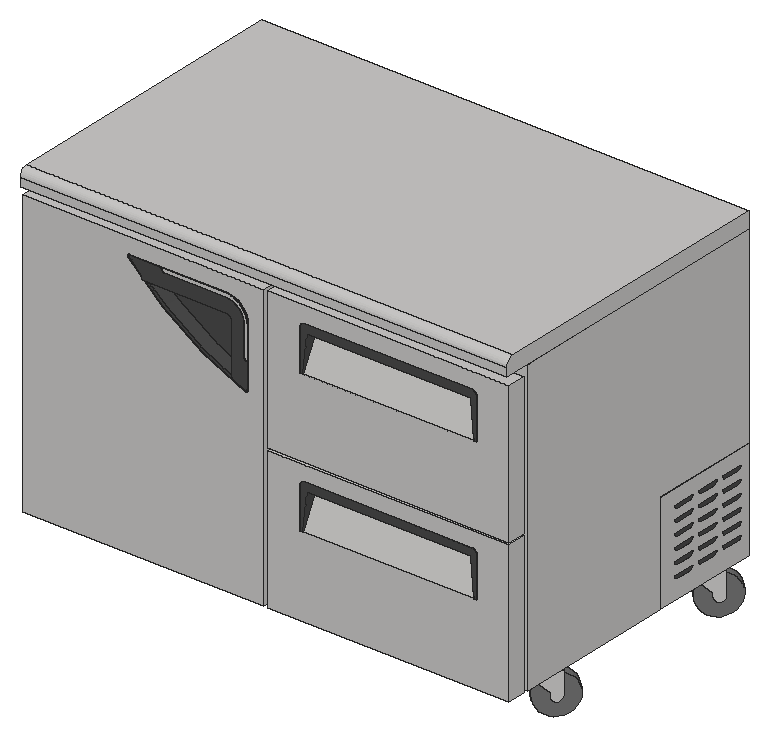
Revit family "QF_Turbo Air_TUF-48SD-D2", category Specialty Equipment, Revit 2012
Parameters
  Weight in Pounds = 169
  Watermarked By = "http://revitwatermark.com"
  Volts = 115 V
  URL Cutsheet = ""
  URL = "www.turboairinc.com"
  Status [instance] = ""
  Specification by User [instance] = ""
  Specification by Manufacturer [instance] = ""
  Serial Number [instance] = ""
  Revision Code [instance] = ""
  Phase = 1
  Number of Poles [instance] = 1
  NAFEM Spec ID Number [instance] = ""
  Model = "TUF-48SD-D2"
  Masterspec [instance] = ""
  Manufacturer = "Turbo Air"  # constant formula
  Legs [instance] = [6 inch Legs]  # no
  Item Number [instance] = "-"
  Installed By [instance] = ""
  HP = "1/2"
  Furnished By [instance] = ""
  Foodservice Equipment Identifier = yes
  FL Amps = 8.3 A
  Electrical Remarks [instance] = ""
  Electric Connection Type [instance] = ""
  Elec Conn RI Height [instance] = 0' - 0"
  Elec Conn Connection Height = 1' - 0"
  Description = "Undercounter Freezer"
  Cycle = 60 Hz
  Conn Plug = "NEMA 5-15P"
  Casters [instance] = not(Legs)  # yes
  CasterLeg Height [instance] = if([4 inch Casters], 0' 5", if([5 inch Casters], 0' 5 3/4", if([2_5 inch Casters], 0' 3 3/8", 0' 6")))  # 0' - 5"
  CSI MasterFormat = "11 41 13"
  Assembly Code = "E1090320"
  Apparent Power = if(Phase = 3, Volts * FL Amps * 1.73, Volts * FL Amps)  # 954.5 VA
  6 inch Legs [instance] = no
  5 inch Casters [instance] = no
  4 inch Casters [instance] = yes
  2_5 inch Casters [instance] = no
Reference planes (in)
  plane 1 "BACK": y = 0
  plane 2: z = 0
  plane 3 "LEFT": x = -20.78844
  plane 4 "Bottom": z = 5
  plane 5 "Back Stops": y = 1
  plane 6 "RIGHT": x = 27.46156
  plane 7 "FRONT": y = -30
  plane 8 "Door Clearance": y = -51.875
  plane 9 "Back of Door": y = -27.875
  plane 10 "Front of Box": y = -27.375
  plane 11 "Top of Door": z = 33.125
  plane 12 "TOP": z = 35.625
  plane 13 "Bottom of TOP": z = 34
  plane 14 "Center LR": x = 3.33656
  plane 15: x = 3.52406
  plane 16: x = 3.14906
  plane 17: y = -42.75
Forms (in)
  Extrusion 1, solid, material "QF_Finishes_Stainless Steel"
    sketch origin (-20.78844, 0, 0) x (0, 1, 0) y (0, 0, 1)
      loop
        line (0, 5) -> (0, 34) -> (-27.375, 34) -> (-27.375, 5) -> (0, 5)
    from 0 to 48.25
  Extrusion 2, solid, material "QF_Finishes_Black"
    sketch origin (0, -27.375, 0) x (1, 0, 0) y (0, 0, 1)
      loop
        line (-19.78844, 32.125) -> (-19.78844, 6) -> (2.14906, 6) -> (2.14906, 32.125) -> (-19.78844, 32.125)
      loop
        line (4.52406, 32.125) -> (4.52406, 6) -> (26.46156, 6) -> (26.46156, 32.125) -> (4.52406, 32.125)
    from 0 to 0.5
  Extrusion 3, void
    sketch origin (27.46156, 0, 0) x (0, 1, 0) y (0, 0, 1)
      loop
        line (0, 5) -> (0, 15) -> (-11, 15) -> (-11, 5) -> (0, 5)
    from 0 to -1
  Extrusion 4, solid, material "QF_Finishes_Stainless Steel"
    sketch origin (27.46156, 0, 0) x (0, 1, 0) y (0, 0, 1)
      loop
        line (-10.875, 14.875) -> (-10.875, 5) -> (0, 5) -> (0, 14.875) -> (-10.875, 14.875)
      loop
        arc (-9.25, 13.5) -> (-9.10355, 13.14645) -> (-8.75, 13) r 0.5
        line (-8.75, 13) -> (-7.25, 13)
        arc (-7.25, 13) -> (-6.89645, 13.14645) -> (-6.75, 13.5) r 0.5
        line (-6.75, 13.5) -> (-9.25, 13.5)
      loop
        arc (-6.25, 13.5) -> (-6.10355, 13.14645) -> (-5.75, 13) r 0.5
        line (-5.75, 13) -> (-4.25, 13)
        arc (-4.25, 13) -> (-3.89645, 13.14645) -> (-3.75, 13.5) r 0.5
        line (-3.75, 13.5) -> (-6.25, 13.5)
      loop
        arc (-3.25, 13.5) -> (-3.10355, 13.14645) -> (-2.75, 13) r 0.5
        line (-2.75, 13) -> (-1.25, 13)
        arc (-1.25, 13) -> (-0.89645, 13.14645) -> (-0.75, 13.5) r 0.5
        line (-0.75, 13.5) -> (-3.25, 13.5)
      loop
        arc (-9.25, 12.25) -> (-9.10355, 11.89645) -> (-8.75, 11.75) r 0.5
        line (-8.75, 11.75) -> (-7.25, 11.75)
        arc (-7.25, 11.75) -> (-6.89645, 11.89645) -> (-6.75, 12.25) r 0.5
        line (-6.75, 12.25) -> (-9.25, 12.25)
      loop
        arc (-6.25, 12.25) -> (-6.10355, 11.89645) -> (-5.75, 11.75) r 0.5
        line (-5.75, 11.75) -> (-4.25, 11.75)
        arc (-4.25, 11.75) -> (-3.89645, 11.89645) -> (-3.75, 12.25) r 0.5
        line (-3.75, 12.25) -> (-6.25, 12.25)
      loop
        arc (-3.25, 12.25) -> (-3.10355, 11.89645) -> (-2.75, 11.75) r 0.5
        line (-2.75, 11.75) -> (-1.25, 11.75)
        arc (-1.25, 11.75) -> (-0.89645, 11.89645) -> (-0.75, 12.25) r 0.5
        line (-0.75, 12.25) -> (-3.25, 12.25)
      loop
        arc (-9.25, 11) -> (-9.10355, 10.64645) -> (-8.75, 10.5) r 0.5
        line (-8.75, 10.5) -> (-7.25, 10.5)
        arc (-7.25, 10.5) -> (-6.89645, 10.64645) -> (-6.75, 11) r 0.5
        line (-6.75, 11) -> (-9.25, 11)
      loop
        arc (-6.25, 11) -> (-6.10355, 10.64645) -> (-5.75, 10.5) r 0.5
        line (-5.75, 10.5) -> (-4.25, 10.5)
        arc (-4.25, 10.5) -> (-3.89645, 10.64645) -> (-3.75, 11) r 0.5
        line (-3.75, 11) -> (-6.25, 11)
      loop
        arc (-3.25, 11) -> (-3.10355, 10.64645) -> (-2.75, 10.5) r 0.5
        line (-2.75, 10.5) -> (-1.25, 10.5)
        arc (-1.25, 10.5) -> (-0.89645, 10.64645) -> (-0.75, 11) r 0.5
        line (-0.75, 11) -> (-3.25, 11)
      loop
        arc (-9.25, 9.75) -> (-9.10355, 9.39645) -> (-8.75, 9.25) r 0.5
        line (-8.75, 9.25) -> (-7.25, 9.25)
        arc (-7.25, 9.25) -> (-6.89645, 9.39645) -> (-6.75, 9.75) r 0.5
        line (-6.75, 9.75) -> (-9.25, 9.75)
      loop
        arc (-6.25, 9.75) -> (-6.10355, 9.39645) -> (-5.75, 9.25) r 0.5
        line (-5.75, 9.25) -> (-4.25, 9.25)
        arc (-4.25, 9.25) -> (-3.89645, 9.39645) -> (-3.75, 9.75) r 0.5
        line (-3.75, 9.75) -> (-6.25, 9.75)
      loop
        arc (-3.25, 9.75) -> (-3.10355, 9.39645) -> (-2.75, 9.25) r 0.5
        line (-2.75, 9.25) -> (-1.25, 9.25)
        arc (-1.25, 9.25) -> (-0.89645, 9.39645) -> (-0.75, 9.75) r 0.5
        line (-0.75, 9.75) -> (-3.25, 9.75)
      loop
        arc (-9.25, 8.5) -> (-9.10355, 8.14645) -> (-8.75, 8) r 0.5
        line (-8.75, 8) -> (-7.25, 8)
        arc (-7.25, 8) -> (-6.89645, 8.14645) -> (-6.75, 8.5) r 0.5
        line (-6.75, 8.5) -> (-9.25, 8.5)
      loop
        arc (-6.25, 8.5) -> (-6.10355, 8.14645) -> (-5.75, 8) r 0.5
        line (-5.75, 8) -> (-4.25, 8)
        arc (-4.25, 8) -> (-3.89645, 8.14645) -> (-3.75, 8.5) r 0.5
        line (-3.75, 8.5) -> (-6.25, 8.5)
      loop
        arc (-3.25, 8.5) -> (-3.10355, 8.14645) -> (-2.75, 8) r 0.5
        line (-2.75, 8) -> (-1.25, 8)
        arc (-1.25, 8) -> (-0.89645, 8.14645) -> (-0.75, 8.5) r 0.5
        line (-0.75, 8.5) -> (-3.25, 8.5)
      loop
        arc (-9.25, 7.25) -> (-9.10355, 6.89645) -> (-8.75, 6.75) r 0.5
        line (-8.75, 6.75) -> (-7.25, 6.75)
        arc (-7.25, 6.75) -> (-6.89645, 6.89645) -> (-6.75, 7.25) r 0.5
        line (-6.75, 7.25) -> (-9.25, 7.25)
      loop
        arc (-6.25, 7.25) -> (-6.10355, 6.89645) -> (-5.75, 6.75) r 0.5
        line (-5.75, 6.75) -> (-4.25, 6.75)
        arc (-4.25, 6.75) -> (-3.89645, 6.89645) -> (-3.75, 7.25) r 0.5
        line (-3.75, 7.25) -> (-6.25, 7.25)
      loop
        arc (-3.25, 7.25) -> (-3.10355, 6.89645) -> (-2.75, 6.75) r 0.5
        line (-2.75, 6.75) -> (-1.25, 6.75)
        arc (-1.25, 6.75) -> (-0.89645, 6.89645) -> (-0.75, 7.25) r 0.5
        line (-0.75, 7.25) -> (-3.25, 7.25)
    from 0 to -1
  Extrusion 5, solid, material "QF_Finishes_Black"
    sketch origin (27.46156, 0, 0) x (0, 1, 0) y (0, 0, 1)
      loop
        line (-9.875, 13.95221) -> (-9.875, 6.20221) -> (-0.375, 6.20221) -> (-0.375, 13.95221) -> (-9.875, 13.95221)
    from -0.125 to -1
  Extrusion 6, solid, material "QF_Finishes_Black"
    sketch origin (0, 0, 0) x (1, 0, 0) y (0, 0, 1)
      loop
        circle (-14.66344, 30.8125) r 0.5
      loop
        circle (21.33656, 30.8125) r 0.5
    from 0 to -1
  Extrusion 7, solid, material "QF_Finishes_Stainless Steel"
    sketch origin (0, 0, 0) x (1, 0, 0) y (0, 0, 1)
      loop
        circle (23.46156, 11.125) r 0.25
    from 0 to -0.0625
  Extrusion 8, solid, material "QF_Finishes_Polished Steel"
    sketch origin (-20.78844, 0, 0) x (0, 1, 0) y (0, 0, 1)
      loop
        line (0, 35.625) -> (-29.1875, 35.625)
        arc (-29.1875, 35.625) -> (-29.76202, 35.38702) -> (-30, 34.8125) r 0.8125
        line (-30, 34.8125) -> (-30, 34) -> (0, 34) -> (0, 35.625)
    from 0 to 48.25
Cuts and joins
  Extrusion 3 cuts Extrusion 1
Lines and regions (in)
  symbolic lines
    curve 1: line (-20.78844, 0, 35.875) -> (27.46156, 0, 35.875)
    curve 2: line (-20.78844, -30, 35.875) -> (-20.78844, 0, 35.875)
    curve 3: line (27.46156, -30, 35.875) -> (-20.78844, -30, 35.875)
    curve 4: line (27.46156, 0, 35.875) -> (27.46156, -30, 35.875)
    curve 5: line (20.83656, 1, 35.875) -> (21.83656, 1, 35.875)
    curve 6: line (-15.16344, 1, 35.875) -> (-14.16344, 1, 35.875)
    curve 7: line (-15.16344, 1, 35.875) -> (-15.16344, 0, 35.875)
    curve 8: line (-14.16344, 1, 35.875) -> (-14.16344, 0, 35.875)
    curve 9: line (20.83656, 1, 35.875) -> (20.83656, 0, 35.875)
    curve 10: line (21.83656, 1, 35.875) -> (21.83656, 0, 35.875)
  symbolic lines, style "QF_Clearances", detail levels coarse
    curve 11: line (-20.78844, -30, 35.875) -> (-20.78844, -51.875, 35.875)
    curve 12: arc (-20.78844, -51.875, 35.875) -> (-4.58659, -45.58093, 35.875) -> (3.1173, -30, 35.875) r 24
    curve 13: line (3.52406, -30, 35.875) -> (3.52406, -42.75, 35.875)
    curve 14: line (3.52406, -42.75, 35.875) -> (27.46156, -42.75, 35.875)
    curve 15: line (27.46156, -42.75, 35.875) -> (27.46156, -30, 35.875)
Dimensions and locks (in)
  "CasterLeg Height": plane 4 "Bottom" to plane 2
  locked: plane 1 "BACK" to plane 5 "Back Stops" at 1
  locked: plane 6 "RIGHT" to plane 3 "LEFT" at 48.25
  locked: plane 7 "FRONT" to plane 1 "BACK" at 30
  locked: plane 9 "Back of Door" to plane 10 "Front of Box" at 0.5
  locked: plane 8 "Door Clearance" to plane 1 "BACK" at 51.875
  locked: plane 11 "Top of Door" to Extrusion 2 sketch curve at 1  (x2)
  locked: Extrusion 2 sketch curve to plane 3 "LEFT" at 1
  locked: Extrusion 2 sketch curve to plane 4 "Bottom" at 1  (x2)
  locked: Extrusion 3 sketch curve to plane 1 "BACK" at 11
  locked: Extrusion 3 sketch curve to plane 4 "Bottom" at 10
  locked: plane 4 "Bottom" to Extrusion 4 sketch curve at 9.875
  locked: Extrusion 4 sketch curve to plane 1 "BACK" at 10.875
  locked: Extrusion 5 sketch curve to Extrusion 5 sketch curve at 7.75
  locked: Extrusion 5 sketch curve to plane 4 "Bottom" at 1.20221
  locked: Extrusion 5 sketch curve to Extrusion 5 sketch curve at 9.5
  locked: Extrusion 5 sketch curve to plane 1 "BACK" at 0.375
  locked: nested 1 to plane 1 "BACK" at 2.5625
  locked: plane 3 "LEFT" to nested 1 at 2.5
  locked: plane 3 "LEFT" to nested 2 at 2.5
  locked: plane 10 "Front of Box" to nested 2 at 4.625
  locked: nested 3 to plane 6 "RIGHT" at 2.5
  locked: nested 4 to plane 6 "RIGHT" at 2.5
  locked: plane 10 "Front of Box" to nested 4 at 4.625
  locked: nested 3 to plane 1 "BACK" at 2.5625
  locked: plane 6 "RIGHT" to Extrusion 6 sketch curve at 6.125
  locked: Extrusion 6 sketch curve to plane 3 "LEFT" at 6.125
  locked: Extrusion 7 sketch curve to plane 4 "Bottom" at 6.125
  locked: plane 6 "RIGHT" to Extrusion 7 sketch curve at 4
  locked: plane 12 "TOP" to plane 4 "Bottom" at 30.625
  locked: plane 12 "TOP" to plane 13 "Bottom of TOP" at 1.625
  locked: plane 13 "Bottom of TOP" to plane 11 "Top of Door" at 0.875
  plane 9 "Back of Door" to plane 1 "BACK" = 2' - 3 7/8"
  equal spacing: plane 3 "LEFT", plane 14 "Center LR", plane 6 "RIGHT"
  plane 16 to plane 14 "Center LR" to plane 15 = 0' - 0 3/16" locked, 0' - 0 3/16" locked
  locked: Extrusion 2 sketch curve to plane 16 at 1
  locked: Extrusion 2 sketch curve to plane 6 "RIGHT" at 1
  locked: Extrusion 2 sketch curve to plane 15 at 1
  locked: plane 17 to plane 7 "FRONT" at 12.75
  aligned and locked: level to plane 2
  aligned and locked: Extrusion 1 sketch curve to plane 1 "BACK"
  aligned and locked: Extrusion 1 sketch curve to plane 4 "Bottom"
  aligned and locked: plane 10 "Front of Box" to Extrusion 1 sketch curve
  aligned and locked: plane 6 "RIGHT" to Extrusion 1
  aligned and locked: plane 9 "Back of Door" to Extrusion 2
  aligned and locked: Extrusion 3 sketch curve to plane 1 "BACK"
  aligned and locked: Extrusion 3 sketch curve to plane 4 "Bottom"
  aligned and locked: Extrusion 6 to plane 5 "Back Stops"
  aligned and locked: plane 1 "BACK" to curve 1
  aligned and locked: curve 4 to plane 6 "RIGHT"
  aligned and locked: plane 3 "LEFT" to curve 2
  aligned and locked: curve 3 to plane 7 "FRONT"
  aligned and locked: curve 5 to Extrusion 6
  aligned and locked: curve 6 to Extrusion 6
  aligned and locked: Extrusion 1 sketch curve to plane 13 "Bottom of TOP"
  aligned and locked: plane 1 "BACK" to Extrusion 8 sketch curve
  aligned and locked: plane 13 "Bottom of TOP" to Extrusion 8 sketch curve
  aligned and locked: Extrusion 8 sketch curve to plane 7 "FRONT"
  aligned and locked: Extrusion 8 sketch curve to plane 12 "TOP"
  aligned and locked: plane 6 "RIGHT" to Extrusion 8
  aligned and locked: nested 5 to plane 4 "Bottom"
  aligned and locked: nested 6 to plane 4 "Bottom"
Automatic sketch dimensions
  Extrusion 4 sketch curve to plane 1 "BACK" = 0' - 0"
  Extrusion 4 sketch curve to plane 4 "Bottom" = 0' - 0"
  Extrusion 4 sketch curve to Extrusion 4 sketch curve = 0' - 1 5/8"
  Extrusion 4 sketch curve to Extrusion 4 sketch curve = 0' - 0"  (x16)
  Extrusion 4 sketch curve to Extrusion 4 sketch curve = 0' - 0 1/2"  (x31)
  Extrusion 4 sketch curve to Extrusion 4 sketch curve = 0' - 1 1/2"  (x4)
  plane 1 "BACK" to Extrusion 4 sketch curve = 0' - 1 1/4"  (x3)
  plane 4 "Bottom" to Extrusion 4 sketch curve = 0' - 1 3/4"  (x2)
  Extrusion 4 sketch curve to Extrusion 4 sketch curve = 0' - 0 3/4"  (x15)
  Extrusion 6 sketch curve to plane 11 "Top of Door" = 0' - 2 5/16"  (x2)
  Extrusion 8 sketch curve to plane 7 "FRONT" = 0' - 0 13/16"
  plane 8 "Door Clearance" to curve 11 = 0' - 0"
  plane 17 to curve 15 = 0' - 0"
  plane 9 "Back of Door" to curve 12 = 0' - 0"
  curve 13 to plane 15 = 0' - 0"
  curve 5 to plane 6 "RIGHT" = 0' - 5 5/8"
  curve 5 to curve 5 = 0' - 1"
  plane 3 "LEFT" to curve 6 = 0' - 6 5/8"
  curve 6 to curve 7 = 0' - 1"
  radius of Extrusion 6 sketch curve = 0' - 0 1/2"  (x2)
  radius of Extrusion 7 sketch curve = 0' - 0 1/4"
Nested families (in)
  nested 1: "FESCasterLeg" at (-18.28844, -2.5625, 0), Legs <- "Legs", Casters <- "Casters", Height <- "CasterLeg Height", type "FESCasterLeg"
    with Legs no, Height 0' - 5", Casters yes, Caster Radius 0' - 2"
  nested 2: "FESCasterLeg" at (-18.28844, -22.75, 0), Legs <- "Legs", Casters <- "Casters", Height <- "CasterLeg Height", type "FESCasterLeg"
    with Legs no, Height 0' - 5", Casters yes, Caster Radius 0' - 2"
  nested 3: "FESCasterLeg" at (24.96156, -2.5625, 0), Legs <- "Legs", Casters <- "Casters", Height <- "CasterLeg Height", type "FESCasterLeg"
    with Legs no, Height 0' - 5", Casters yes, Caster Radius 0' - 2"
  nested 4: "FESCasterLeg" at (24.96156, -22.75, 0), Legs <- "Legs", Casters <- "Casters", Height <- "CasterLeg Height", type "FESCasterLeg"
    with Legs no, Height 0' - 5", Casters yes, Caster Radius 0' - 2"
  nested 5: "QF_Turbo Air_TBL_Door-2" at (-5.61177, -27.875, 5), type "QF_Turbo Air_TBL_Door-2"
    with Width 1' - 11 15/16", Symbolic Lines no, Height 2' - 4 1/8", Depth 0' - 1 13/16"
  nested 6: "QF_Turbo Air_TBL_Drawer" at (18.70073, -27.875, 5), type "QF_Turbo Air_TBL_Drawer"
    with Width 1' - 11 15/16", Symbolic Lines no, Height 2' - 4 1/8", Depth 0' - 1 13/16"
Connectors (in)
  electrical at (23.46156, 0.0625, 11.125), driven by "Number of Poles", driven by "Volts", driven by "Apparent Power"
    settings: on Extrusion 7, index 1, voltage 115 V, apparent load 954.5 VA, apparent load phase1 0 VA, apparent load phase2 0 VA, apparent load phase3 0 VA, power factor 1, load classification "Other", number of poles 1, system type 30, power factor state 1, is connector primary yes, connector utility no, sub classification motor no, connector description ""
Definition of nested family "FESCasterLeg"
  Parameters (values of type "FESCasterLeg")
    Watermarked By = "http://revitwatermark.com"
    Type Comments = "⍁⍉⌁⌀⏭⎽⌇⍠⌜⍉⎖⌥⌦⌯⍭⏊⍻⍿⍊⏵⍊⏗⏠⍴⎡⌈⎀⍠⌓⌤⏘⎐⍀⌐⏬⏁⎈⏍⏦⎒⏬⌝⍩⍇⌣〈⎫〉⎁⏊⍥⍖⍥⍝⍦⌖⍀⏌⏭⎝⎼⏷⏞⍻⏯⎽⏷⏞⍻⏯⎽⏷⎺⌻⎝⍎⌧⏷⏟⏿⌿⍜⍦⍤⌁⍬⏶⏎⍊⏚⏉⎞⌡⎀⎪⏈⌟⌿⍾⍼⌟⌿⌢⌞⏜⏝⎽⍷⍷⍯⍧⍷⌯⍽⏸⏨⏾⏎⌣⏺⍹⏼⏅⎏⌽⎫⎪⍙⎓⏗⎗⏅⌴⍏⍏⍿⏑⎺⍘⌭⏲⍥⎛⎾⎾⍞⍌⎪⎲⌙⎥⏏⎟⎟⏼⏘⎏⎝⏧⏍⏁⍏⍧⏯⏾⌟"
    Legs [instance] = yes
    Height [instance] = 0' - 6"
    Caster Radius [instance] = if(Height < 0' 3", 0' 1", (Height / 2) - 0' 0 1/2")  # 0' - 2 1/2"
    Casters [instance] = yes
    Assembly Code = ""
  Reference planes (in)
    plane 1 "Center (Front/Back)": y = 0
    plane 2: z = 0
    plane 3 "Center (Left/Right)": x = 0
    plane 4: z = 6
    plane 5: z = 5.5
  Forms (in)
    Extrusion 1, solid, material "QF_Finishes_Stainless Steel", visible <- "Casters"
      sketch origin (-24.12131, -22.88887, 10.18833) x (0.707107, 0.707107, 0) y (0, 0, 1)
        loop
          line (34.98772, -7.68833) -> (34.98772, -4.93833) -> (34.48772, -4.93833) -> (34.39402, -4.68833) -> (32.39402, -4.68833) -> (32.39402, -5.43833) -> (33.98772, -7.34206) -> (33.98772, -7.68833)
          arc (33.98772, -7.68833) -> (34.48772, -8.18833) -> (34.98772, -7.68833) r 0.5
      from 0 to 1.75
    Extrusion 2, solid, material "QF_Finishes_Rubber Black", visible <- "Casters"
      sketch origin (-24.32327, -23.09083, 13.31461) x (0.707107, 0.707107, 0) y (0, 0, 1)
        loop
          circle (34.77334, -10.81461) r 2.5
      from 0.375 to 1.375
    Extrusion 3, solid, material "QF_Finishes_Stainless Steel", visible <- "Casters"
      sketch origin (-7.24148, -8.48391, 0) x (0.707107, 0.707107, 0) y (0, 0, 1)
        loop
          line (10.61603, 5.5) -> (11.61603, 5.5) -> (11.61603, 6) -> (10.61603, 6) -> (10.61603, 5.5)
      from 0 to -1.75
    Blend 4, solid, material "QF_Finishes_Stainless Steel", visible <- "Legs"
      base sketch origin (0, 0, 0) x (1, 0, 0) y (0, 1, 0)
        loop
          circle (0, 0) r 0.5
      top sketch origin (0, 0, 0) x (1, 0, 0) y (0, 1, 0)
        loop
          circle (0, 0) r 1
      from 0 to 6 <- "Height"
  Lines and regions (in)
    symbolic lines, style "QF_Hidden Details", visible <- "Casters", built-in parameter 1006206 <- "Casters"
      curve 1: line (-1.26158, -0.51911, 0) -> (1.39007, 2.13254, 0)
      curve 2: line (-0.53429, -1.24639, 0) -> (2.11736, 1.40526, 0)
    symbolic lines, style "QF_Hidden Details", built-in parameter 1006206 <- "Casters", visible <- "Casters"
      curve 3: line (-1.26158, -0.51911, 0) -> (1.39007, 2.13254, 0)
      curve 4: line (-0.53429, -1.24639, 0) -> (2.11736, 1.40526, 0)
  Dimensions and locks (in)
    locked: plane 4 to plane 5 at 0.5
    "Height": plane 4 to level
    "Caster Radius": Extrusion 2 sketch curve to level
    "Caster Radius": Extrusion 1 sketch curve to level
    "Caster Radius": radius of Extrusion 2 sketch curve
    aligned and locked: plane 2 to level
    aligned: Blend 4 to Extrusion 3
    aligned and locked: plane 4 to Blend 4
    aligned and locked: Extrusion 3 to plane 5
    aligned and locked: plane 4 to Extrusion 3
    aligned and locked: plane 5 to Extrusion 1
  Automatic sketch dimensions
    plane 1 "Center (Front/Back)" to curve 3 = 0' - 0.51911"
    curve 3 to plane 3 "Center (Left/Right)" = 0' - 1.26158"
    plane 1 "Center (Front/Back)" to curve 1 = 0' - 0.51911"
    curve 1 to curve 3 = 0' - 0"  (x3)
    curve 4 to plane 3 "Center (Left/Right)" = 0' - 0.53429"
    curve 2 to curve 4 = 0' - 0"  (x2)
    plane 3 "Center (Left/Right)" to curve 3 = 0' - 1.39007"
    curve 1 to curve 4 = 0' - 0.72729"
    curve 2 to curve 1 = 0' - 0.72729"
    curve 4 to curve 2 = 0' - 0"  (x2)
    curve 2 to plane 1 "Center (Front/Back)" = 0' - 1.40526"
    curve 2 to curve 3 = 0' - 0.72729"
    plane 5 to Extrusion 1 sketch curve = 0' - 0"
    Extrusion 1 sketch curve to Extrusion 1 sketch curve = 0' - 1.5937"
    Extrusion 1 sketch curve to Extrusion 1 sketch curve = 0' - 2"
    Extrusion 1 sketch curve to Extrusion 1 sketch curve = 0' - 0.0937"
    Extrusion 1 sketch curve to Extrusion 1 sketch curve = 0' - 0 1/2"
    Extrusion 1 sketch curve to Extrusion 1 sketch curve = 0' - 0.34627"
    Extrusion 1 sketch curve to plane 5 = 0' - 0 3/4"
    Extrusion 1 sketch curve to plane 5 = 0' - 0 1/4"
    Extrusion 3 sketch curve to plane 5 = 0' - 0"
    plane 4 to Extrusion 3 sketch curve = 0' - 0"
    Extrusion 3 sketch curve to Extrusion 3 sketch curve = 0' - 1"
    plane 1 "Center (Front/Back)" to Blend 4 sketch curve = 0' - 0"  (x2)
    Blend 4 sketch curve to plane 3 "Center (Left/Right)" = 0' - 0"  (x2)
    radius of Blend 4 sketch curve = 0' - 0 1/2"
    radius of Blend 4 sketch curve = 0' - 1"
Definition of nested family "QF_Turbo Air_TBL_Door-2"
  Parameters (values of type "QF_Turbo Air_TBL_Door-2")
    Width [instance] = 1' - 6"
    Watermarked By = "http://revitwatermark.com"
    Symbolic Lines [instance] = yes
    Manufacturer = "Turbo Air"  # constant formula
    Height [instance] = 2' - 3 1/2"
    Depth [instance] = 0' - 1 13/16"
  Reference planes (in)
    plane 1 "BACK": y = 0
    plane 2: z = 0
    plane 3 "LEFT": x = -15.17667
    plane 4: x = 2.82333
    plane 5 "FRONT": y = -1.8125
    plane 6: z = 27.5
  Forms (in)
    Extrusion 1, solid, material "QF_Finishes_Stainless Steel"
      sketch origin (0, 0, 0) x (1, 0, 0) y (0, 0, 1)
        loop
          line (-15.17667, 27.5) -> (-15.17667, 0) -> (2.82333, 0) -> (2.82333, 27.5) -> (-15.17667, 27.5)
        loop
          arc (1.26083, 23.75) -> (0.62013, 25.2968) -> (-0.92667, 25.9375) r 2.1875
          line (-0.92667, 25.9375) -> (-10.51602, 25.9375)
          arc (-10.51602, 25.9375) -> (-10.68463, 25.82502) -> (-10.64553, 25.62614) r 0.18261
          arc (-10.64553, 25.62614) -> (-5.27313, 21.0225) -> (1.01159, 17.7731) r 30.65514
          arc (1.01159, 17.7731) -> (1.18191, 17.79728) -> (1.26083, 17.95014) r 0.1875
          line (1.26083, 17.95014) -> (1.26083, 23.75)
      from 0 to 1.8125
    Extrusion 2, solid, material "QF_Finishes_Black"
      sketch origin (0, 0, 0) x (1, 0, 0) y (0, 0, 1)
        loop
          arc (-10.51602, 25.9375) -> (-10.68463, 25.82502) -> (-10.64553, 25.62614) r 0.18261
          arc (-10.64553, 25.62614) -> (-5.27313, 21.0225) -> (1.01159, 17.7731) r 30.65514
          arc (1.01159, 17.7731) -> (1.18191, 17.79728) -> (1.26083, 17.95014) r 0.1875
          line (1.26083, 17.95014) -> (1.26083, 23.75)
          arc (1.26083, 23.75) -> (0.62013, 25.2968) -> (-0.92667, 25.9375) r 2.1875
          line (-0.92667, 25.9375) -> (-10.51602, 25.9375)
      from 0 to 0.25
    Extrusion 3, solid, material "QF_Finishes_Black"
      sketch origin (0, -1.8125, 0) x (1, 0, 0) y (0, 0, 1)
        loop
          arc (-10.51602, 25.9375) -> (-10.68463, 25.82502) -> (-10.64553, 25.62614) r 0.18261
          arc (-10.64553, 25.62614) -> (-5.27313, 21.0225) -> (1.01159, 17.7731) r 30.65514
          arc (1.01159, 17.7731) -> (1.18191, 17.79728) -> (1.26083, 17.95014) r 0.1875
          line (1.26083, 17.95014) -> (1.26083, 23.75)
          arc (1.26083, 23.75) -> (0.62013, 25.2968) -> (-0.92667, 25.9375) r 2.1875
          line (-0.92667, 25.9375) -> (-10.51602, 25.9375)
        loop
          arc (-10.3612, 25.6875) -> (-5.1116, 21.21513) -> (1.01083, 18.04082) r 30.40514
          line (1.01083, 18.04082) -> (1.01083, 23.75)
          arc (1.01083, 23.75) -> (0.44335, 25.12002) -> (-0.92667, 25.6875) r 1.9375
          line (-0.92667, 25.6875) -> (-10.3612, 25.6875)
      from 0 to -1.5625
    Extrusion 4, solid, material "QF_Finishes_Stainless Steel"
      sketch origin (0, -1.8125, 0) x (1, 0, 0) y (0, 0, 1)
        loop
          line (0.8693, 23.74703) -> (0.8693, 20.9359)
          arc (0.8693, 20.9359) -> (0.97619, 20.67783) -> (1.23426, 20.57094) r 0.36497
          line (1.23426, 20.57094) -> (1.23426, 23.75728)
          arc (1.23426, 23.75728) -> (0.60343, 25.28026) -> (-0.91955, 25.9111) r 2.15381
          line (-0.91955, 25.9111) -> (-7.29364, 25.9111)
          arc (-7.29364, 25.9111) -> (-7.18686, 25.6533) -> (-6.92907, 25.54652) r 0.36457
          line (-6.92907, 25.54652) -> (-0.9302, 25.54652)
          arc (-0.9302, 25.54652) -> (0.34224, 25.01946) -> (0.8693, 23.74703) r 1.79949
      from 0 to 0.0625
    Extrusion 5, solid, material "QF_Finishes_Black"
      sketch origin (0, -1.8125, 0) x (1, 0, 0) y (0, 0, 1)
        loop
          line (-7.29579, 25.91713) -> (-10.23685, 25.91713)
          arc (-10.23685, 25.91713) -> (-10.4057, 25.80626) -> (-10.37109, 25.60724) r 0.18402
          arc (-10.37109, 25.60724) -> (-9.82156, 25.0362) -> (-9.25736, 24.47964) r 30.46741
          arc (-9.25736, 24.47964) -> (-9.13766, 24.40221) -> (-8.99771, 24.37509) r 0.37471
          line (-8.99771, 24.37509) -> (-0.92669, 24.37509)
          arc (-0.92669, 24.37509) -> (-0.48472, 24.19202) -> (-0.30165, 23.75005) r 0.62505
          line (-0.30165, 23.75005) -> (-0.30165, 18.75593)
          arc (-0.30165, 18.75593) -> (-0.23944, 18.54909) -> (-0.07345, 18.41087) r 0.375
          arc (-0.07345, 18.41087) -> (0.46451, 18.18804) -> (1.00663, 17.97553) r 30.46765
          arc (1.00663, 17.97553) -> (1.17982, 17.99636) -> (1.26095, 18.15079) r 0.18755
          line (1.26095, 18.15079) -> (1.26095, 20.57213)
          arc (1.26095, 20.57213) -> (0.98629, 20.66883) -> (0.87001, 20.93579) r 0.36461
          line (0.87001, 20.93579) -> (0.87001, 23.74835)
          arc (0.87001, 23.74835) -> (0.34256, 25.02175) -> (-0.93084, 25.54921) r 1.80086
          line (-0.93084, 25.54921) -> (-6.92787, 25.54921)
          arc (-6.92787, 25.54921) -> (-7.18803, 25.65697) -> (-7.29579, 25.91713) r 0.36792
      from 0 to 0.0625
  Lines and regions (in)
    symbolic lines, visible <- "Symbolic Lines"
      curve 1: line (-15.17667, 0, 25.96875) -> (2.82333, 0, 25.96875)
      curve 2: line (-15.17667, -1.8125, 25.96875) -> (-15.17667, 0, 25.96875)
      curve 3: line (2.82333, -1.8125, 25.96875) -> (-15.17667, -1.8125, 25.96875)
      curve 4: line (2.82333, 0, 25.96875) -> (2.82333, -1.8125, 25.96875)
  Dimensions and locks (in)
    "Width": plane 4 to plane 3 "LEFT"
    "Depth": plane 5 "FRONT" to plane 1 "BACK"
    "Height": plane 6 to plane 2
    locked: plane 4 to Extrusion 1 sketch curve at 3.75
    locked: plane 6 to Extrusion 1 sketch curve at 3.75
    locked: plane 6 to Extrusion 1 sketch curve at 9.54986
    locked: plane 4 to Extrusion 1 sketch curve at 1.5625
    locked: plane 6 to Extrusion 1 sketch curve at 1.5625
    locked: plane 4 to Extrusion 1 sketch curve at 13.33935
    locked: plane 6 to Extrusion 1 sketch curve at 1.87386
    locked: plane 6 to Extrusion 1 sketch curve at 9.7269
    locked: plane 4 to Extrusion 1 sketch curve at 1.81175
    locked: plane 4 to Extrusion 1 sketch curve at 13.46886
    locked: Extrusion 4 sketch curve to Extrusion 4 sketch curve at 0.36457
    locked: Extrusion 4 sketch curve to Extrusion 4 sketch curve at 0.36497
    locked: plane 4 to Extrusion 4 sketch curve at 1.58907
    locked: plane 6 to Extrusion 4 sketch curve at 1.5889
    plane 4 to Extrusion 4 sketch curve = 0' - 10.11697"
    locked: plane 4 to Extrusion 4 sketch curve at 9.7524
    locked: plane 4 to Extrusion 4 sketch curve at 3.74288
    locked: plane 4 to Extrusion 4 sketch curve at 3.75353
    locked: plane 6 to Extrusion 4 sketch curve at 3.74272
    locked: plane 6 to Extrusion 4 sketch curve at 3.75297
    locked: plane 6 to Extrusion 4 sketch curve at 6.92906
    locked: plane 6 to Extrusion 4 sketch curve at 6.5641
    locked: plane 4 to Extrusion 2 sketch curve at 3.75
    locked: plane 4 to Extrusion 2 sketch curve at 13.33935
    locked: plane 4 to Extrusion 2 sketch curve at 13.46886
    locked: plane 4 to Extrusion 2 sketch curve at 1.81175
    locked: plane 4 to Extrusion 2 sketch curve at 1.5625
    locked: plane 4 to Extrusion 5 sketch curve at 1.56238
    locked: plane 4 to Extrusion 5 sketch curve at 1.95332
    locked: plane 4 to Extrusion 5 sketch curve at 3.75417
    locked: plane 4 to Extrusion 5 sketch curve at 9.75121
    locked: plane 4 to Extrusion 5 sketch curve at 10.11912
    locked: plane 4 to Extrusion 5 sketch curve at 13.06018
    locked: plane 4 to Extrusion 5 sketch curve at 13.19443
    locked: plane 4 to Extrusion 5 sketch curve at 12.0807
    locked: plane 4 to Extrusion 5 sketch curve at 11.82104
    locked: plane 4 to Extrusion 5 sketch curve at 3.75003
    locked: plane 4 to Extrusion 5 sketch curve at 3.12498
    locked: plane 4 to Extrusion 5 sketch curve at 2.89679
    locked: plane 4 to Extrusion 5 sketch curve at 1.81671
    aligned and locked: level to plane 2
    aligned and locked: Extrusion 1 sketch curve to plane 6
    aligned and locked: plane 3 "LEFT" to Extrusion 1 sketch curve
    aligned and locked: level to Extrusion 1 sketch curve
    aligned and locked: Extrusion 1 sketch curve to plane 4
    aligned and locked: plane 5 "FRONT" to Extrusion 1
    aligned and locked: plane 1 "BACK" to curve 1
    aligned and locked: plane 3 "LEFT" to curve 2
    aligned and locked: curve 3 to plane 5 "FRONT"
    aligned and locked: curve 4 to plane 4
    aligned and locked: Extrusion 3 sketch curve to Extrusion 1  (x4)
  Automatic sketch dimensions
    plane 4 to Extrusion 1 sketch curve = 0' - 9.03101"
    Extrusion 2 sketch curve to plane 6 = 0' - 1 9/16"
    Extrusion 2 sketch curve to Extrusion 2 sketch curve = 0' - 5.79986"
    Extrusion 2 sketch curve to Extrusion 2 sketch curve = 0' - 0.31136"
    plane 4 to Extrusion 2 sketch curve = 0' - 9.03101"
    Extrusion 2 sketch curve to Extrusion 2 sketch curve = 0' - 0.17704"
    Extrusion 3 sketch curve to Extrusion 3 sketch curve = 0' - 0.12951"
    Extrusion 3 sketch curve to Extrusion 3 sketch curve = 0' - 0.15482"
    Extrusion 3 sketch curve to Extrusion 3 sketch curve = 0' - 0"  (x4)
    Extrusion 3 sketch curve to Extrusion 3 sketch curve = 0' - 0.00075"
    Extrusion 3 sketch curve to Extrusion 3 sketch curve = 0' - 0.09068"
    Extrusion 5 sketch curve to Extrusion 5 sketch curve = 0' - 0"  (x4)
    Extrusion 5 sketch curve to Extrusion 5 sketch curve = 0' - 0.00072"
    Extrusion 5 sketch curve to Extrusion 5 sketch curve = 0' - 2.81256"
    Extrusion 5 sketch curve to Extrusion 5 sketch curve = 0' - 0.36461"
    Extrusion 5 sketch curve to Extrusion 5 sketch curve = 0' - 1.8162"
    Extrusion 5 sketch curve to plane 6 = 0' - 1.89276"
    Extrusion 5 sketch curve to Extrusion 5 sketch curve = 0' - 0.14681"
    Extrusion 5 sketch curve to Extrusion 5 sketch curve = 0' - 0.06678"
    Extrusion 5 sketch curve to plane 6 = 0' - 1.58287"
Definition of nested family "QF_Turbo Air_TBL_Drawer"
  Parameters (values of type "QF_Turbo Air_TBL_Drawer")
    Width [instance] = 2' - 5 5/16"
    Watermarked By = "http://revitwatermark.com"
    Symbolic Lines [instance] = yes
    Manufacturer = "Turbo Air"  # constant formula
    Height [instance] = 2' - 3 7/16"
    Depth [instance] = 0' - 1 13/16"
  Reference planes (in)
    plane 1 "BACK": y = 0
    plane 2: z = 0
    plane 3 "LEFT": x = -15.17667
    plane 4: x = 14.13583
    plane 5 "FRONT": y = -1.8125
    plane 6: z = 27.4375
    plane 7 "Handle Center": x = -0.52042
    plane 8 "Door Center": z = 13.71875
  Forms (in)
    Extrusion 1, solid, material "QF_Finishes_Black"
      sketch origin (-31.11417, 0, 15.01083) x (0, 0, -1) y (1, 0, 0)
        loop
          arc (-10.23917, 39.40625) -> (-10.63691, 39.2415) -> (-10.80167, 38.84375) r 0.5625
          line (-10.80167, 38.84375) -> (-10.80167, 22.34375)
          arc (-10.80167, 22.34375) -> (-10.63691, 21.946) -> (-10.23917, 21.78125) r 0.5625
          line (-10.23917, 21.78125) -> (-6.30167, 21.78125) -> (-6.30167, 22.125) -> (-9.98917, 22.44761) -> (-9.98917, 38.73989) -> (-6.30167, 39.0625) -> (-6.30167, 39.40625) -> (-10.23917, 39.40625)
        loop
          line (7.41708, 21.78125) -> (7.41708, 22.125) -> (3.72958, 22.44761) -> (3.72958, 38.73989) -> (7.41708, 39.0625) -> (7.41708, 39.40625) -> (3.47958, 39.40625)
          arc (3.47958, 39.40625) -> (3.08184, 39.2415) -> (2.91708, 38.84375) r 0.5625
          line (2.91708, 38.84375) -> (2.91708, 22.34375)
          arc (2.91708, 22.34375) -> (3.08184, 21.946) -> (3.47958, 21.78125) r 0.5625
          line (3.47958, 21.78125) -> (7.41708, 21.78125)
      from 0 to 1.8125
    Extrusion 2, solid, material "QF_Finishes_Stainless Steel"
      sketch origin (-9.36417, 0, 15.01083) x (0, 1, 0) y (0, 0, 1)
        loop
          line (-1.8125, 6.30167) -> (0, 6.30167) -> (0, 9.98917) -> (-0.47036, 9.98917) -> (-1.8125, 6.30167)
        loop
          line (-1.8125, -7.41708) -> (0, -7.41708) -> (0, -3.72958) -> (-0.47036, -3.72958) -> (-1.8125, -7.41708)
      from 0.375 to 17.3125
    Extrusion 3, solid, material "QF_Finishes_Stainless Steel"
      sketch origin (0, 0, 0) x (1, 0, 0) y (0, 0, 1)
        loop
          line (-15.17667, 27.4375) -> (-15.17667, 13.84375) -> (14.13583, 13.84375) -> (14.13583, 27.4375) -> (-15.17667, 27.4375)
        loop
          line (-15.17667, 0) -> (14.13583, 0) -> (14.13583, 13.59375) -> (-15.17667, 13.59375) -> (-15.17667, 0)
        loop
          arc (-8.77042, 25.8125) -> (-9.16816, 25.64775) -> (-9.33292, 25.25) r 0.5625
          line (-9.33292, 25.25) -> (-9.33292, 21.3125) -> (8.29208, 21.3125) -> (8.29208, 25.25)
          arc (8.29208, 25.25) -> (8.12733, 25.64775) -> (7.72958, 25.8125) r 0.5625
          line (7.72958, 25.8125) -> (-8.77042, 25.8125)
        loop
          arc (-8.77042, 12.09375) -> (-9.16816, 11.929) -> (-9.33292, 11.53125) r 0.5625
          line (-9.33292, 11.53125) -> (-9.33292, 7.59375) -> (8.29208, 7.59375) -> (8.29208, 11.53125)
          arc (8.29208, 11.53125) -> (8.12733, 11.929) -> (7.72958, 12.09375) r 0.5625
          line (7.72958, 12.09375) -> (-8.77042, 12.09375)
      from 0 to 1.8125
  Lines and regions (in)
    symbolic lines, visible <- "Symbolic Lines"
      curve 1: line (-15.17667, 0, 25.96875) -> (14.13583, 0, 25.96875)
      curve 2: line (-15.17667, -1.8125, 25.96875) -> (-15.17667, 0, 25.96875)
      curve 3: line (14.13583, -1.8125, 25.96875) -> (-15.17667, -1.8125, 25.96875)
      curve 4: line (14.13583, 0, 25.96875) -> (14.13583, -1.8125, 25.96875)
  Dimensions and locks (in)
    "Width": plane 4 to plane 3 "LEFT"
    "Depth": plane 5 "FRONT" to plane 1 "BACK"
    "Height": plane 6 to plane 2
    locked: Extrusion 3 sketch curve to Extrusion 3 sketch curve at 4.5  (x2)
    locked: plane 6 to Extrusion 3 sketch curve at 1.625
    locked: plane 6 to Extrusion 1 sketch curve at 1.625
    locked: Extrusion 1 sketch curve to Extrusion 1 sketch curve at 0.8125  (x2)
    locked: Extrusion 1 sketch curve to Extrusion 1 sketch curve at 4.5  (x4)
    locked: Extrusion 1 sketch curve to Extrusion 1 sketch curve at 0.66636  (x4)
    locked: plane 6 to Extrusion 2 sketch curve at 2.4375
    locked: Extrusion 2 sketch curve to Extrusion 2 sketch curve at 3.6875  (x2)
    locked: Extrusion 2 sketch curve to plane 5 "FRONT" at 1.34214  (x2)
    equal spacing: plane 3 "LEFT", plane 7 "Handle Center", plane 4
    equal spacing: plane 6, plane 8 "Door Center", level
    Extrusion 3 sketch curve to plane 8 "Door Center" to Extrusion 3 sketch curve = 0' - 0 1/8" locked, 0' - 0 1/8" locked
    Extrusion 3 sketch curve to plane 7 "Handle Center" to Extrusion 3 sketch curve = 0' - 8 13/16" locked, 0' - 8 13/16" locked  (x2)
    locked: plane 8 "Door Center" to Extrusion 3 sketch curve at 1.625
    Extrusion 1 sketch curve to plane 7 "Handle Center" to Extrusion 1 sketch curve = 0' - 8 13/16" locked, 0' - 8 13/16" locked  (x2)
    Extrusion 2 to plane 7 "Handle Center" to Extrusion 2 = 0' - 8 15/32" locked, 0' - 8 15/32" locked
    locked: plane 8 "Door Center" to Extrusion 1 sketch curve at 1.625
    locked: plane 8 "Door Center" to Extrusion 2 sketch curve at 2.4375
    aligned and locked: level to plane 2
    aligned and locked: Extrusion 3 sketch curve to plane 6
    aligned and locked: plane 3 "LEFT" to Extrusion 3 sketch curve  (x2)
    aligned and locked: level to Extrusion 3 sketch curve
    aligned and locked: Extrusion 3 sketch curve to plane 4  (x2)
    aligned and locked: plane 5 "FRONT" to Extrusion 3
    aligned and locked: Extrusion 2 sketch curve to plane 1 "BACK"  (x2)
    aligned and locked: plane 1 "BACK" to curve 1
    aligned and locked: plane 3 "LEFT" to curve 2
    aligned and locked: curve 3 to plane 5 "FRONT"
    aligned and locked: curve 4 to plane 4
  Automatic sketch dimensions
    Extrusion 1 sketch curve to Extrusion 1 sketch curve = 0' - 0 1/4"  (x4)
    Extrusion 1 sketch curve to Extrusion 1 sketch curve = 0' - 0 11/32"  (x4)
    Extrusion 2 sketch curve to plane 5 "FRONT" = 0' - 0"  (x2)
    Extrusion 3 sketch curve to Extrusion 3 sketch curve = 0' - 0 9/16"  (x4)
